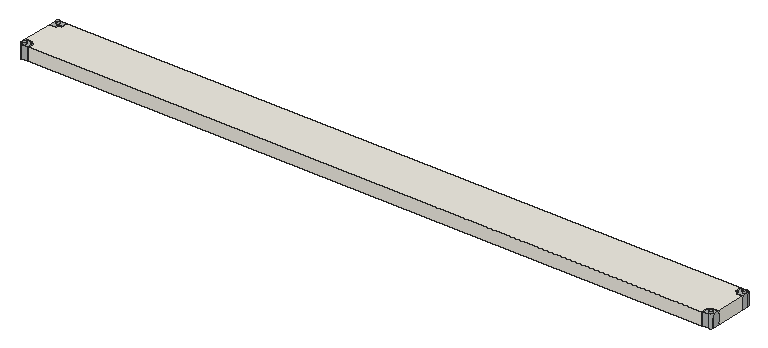
Revit family "HIGHTECH", category Осветительные приборы, Revit 2019 (continued)
Types (32, lengths in mm): name | Файл фотометрической сетки | built-in parameter 1150105 | Lumens | built-in parameter 1150106 | built-in parameter 1150142 | Wattage | Emit from Rectangle Width | Emit from Rectangle Length | Длина | Ширина | ADSK_Ток | ADSK_Полная мощность | ADSK_Обозначение | ADSK_Номинальная мощность | ADSK_Наименование | ADSK_Масса | ADSK_Код изделия
    .549 2.450 2.352 2.254 2.157 2.157 2.059 1.960 1.862 \r\n1.764 1.667 1.569 1.569 1.470 1.372 1.274 1.177 1.078 0.980 0.882 0.882 0.784 0.687 0.588 0.490 0.392 0.294 0.294 0.196 0.098 0.000 \r\n2755.907 2756.592 2751.104 2743.850 2728.264 2709.934 2687.389 2658.864 2627.007 2589.170 2545.942 2500.459 2452.036 2399.790 2343.035 2283.438 2222.565 2156.008 \r\n2088.079 2017.796 1945.750 1871.350 1794.794 1716.867 1637.076 1555.619 1473.182 1389.372 1303.113 1214.892 1128.633 1041.687 954.446 867.402 780.260 694.294 608.917 525.205 \r\n444.042 365.625 291.029 220.453 153.209 92.730 38.621 3.823 3.725 3.627 3.529 3.431 3.431 3.332 3.234 3.137 3.039 2.941 2.842 2.744 2.744 2.647 2.549 2.450 2.352 2.254 2.157 2.157 2.059 1.960 1.862 \r\n1.764 1.667 1.569 1.569 1.470 1.372 1.274 1.177 1.078 0.980 0.882 0.882 0.784 0.687 0.588 0.490 0.392 0.294 0.294 0.196 0.098 0.000 \r\n2755.907 2756.789 2751.201 2744.046 2728.558 2710.326 2687.879 2659.354 2627.693 2589.856 2546.629 2501.244 2452.820 2400.672 2343.917 2284.320 2223.545 2156.890 \r\n2089.059 2018.776 1946.730 1872.330 1795.774 1717.847 1638.056 1556.501 1474.064 1390.255 1304.093 1215.677 1129.417 1042.373 955.133 867.991 780.750 694.686 609.309 525.499 \r\n444.337 365.820 291.128 220.551 153.308 92.730 38.719 3.823 3.725 3.627 3.529 3.431 3.431 3.332 3.234 3.137 3.039 2.941 2.842 2.842 2.744 2.647 2.549 2.450 2.352 2.254 2.157 2.157 2.059 1.960 1.862 \r\n1.764 1.667 1.569 1.569 1.470 1.372 1.274 1.177 1.078 0.980 0.980 0.882 0.784 0.687 0.588 0.490 0.392 0.294 0.294 0.196 0.098 0.000 \r\n2755.907 2756.887 2751.398 2744.340 2728.852 2710.718 2688.466 2659.943 2628.281 2590.542 2547.314 2501.930 2453.605 2401.554 2344.799 2285.201 2224.525 2157.870 \r\n2090.039 2019.756 1947.710 1873.310 1796.853 1718.827 1638.939 1557.481 1474.946 1391.137 1304.975 1216.559 1130.201 1043.157 955.720 868.481 781.240 695.176 609.701 525.794 \r\n444.631 366.016 291.323 220.649 153.406 92.827 38.719 3.823 3.725 3.627 3.529 3.431 3.431 3.332 3.234 3.137 3.039 2.941 2.842 2.842 2.744 2.647 2.549 2.450 2.352 2.254 2.157 2.157 2.059 1.960 1.862 \r\n1.764 1.667 1.569 1.569 1.470 1.372 1.274 1.177 1.078 0.980 0.980 0.882 0.784 0.687 0.588 0.490 0.392 0.294 0.294 0.196 0.098 0.000 \r\n2755.907 2756.985 2751.496 2744.634 2729.244 2711.110 2688.957 2660.531 2628.967 2591.228 2548.001 2502.616 2454.389 2402.339 2345.682 2286.084 2225.506 2158.850 \r\n2091.019 2020.737 1948.690 1874.290 1797.833 1719.807 1639.919 1558.364 1475.926 1392.019 1305.955 1217.343 1130.887 1043.843 956.407 869.069 781.730 695.568 610.093 526.185 \r\n444.827 366.213 291.519 220.747 153.406 92.925 38.817 3.823 3.725 3.627 3.529 3.431 3.431 3.332 3.234 3.137 3.039 2.941 2.842 2.842 2.744 2.647 2.549 2.450 2.352 2.254 2.254 2.157 2.059 1.960 1.862 \r\n1.764 1.667 1.569 1.569 1.470 1.372 1.274 1.177 1.078 0.980 0.980 0.882 0.784 0.687 0.588 0.490 0.392 0.294 0.294 0.196 0.098 0.000 \r\n2755.907 2757.083 2751.594 2744.830 2729.539 2711.502 2689.545 2661.021 2629.654 2591.915 2548.687 2503.401 2455.271 2403.221 2346.564 2286.966 2226.486 2159.733 \r\n2091.999 2021.619 1949.769 1875.369 1798.813 1720.787 1640.899 1559.344 1476.809 1392.804 1306.837 1218.128 1131.672 1044.529 957.093 869.656 782.319 696.058 610.485 526.479 \r\n445.121 366.408 291.618 220.845 153.503 92.925 38.915 3.823 3.725 3.627 3.529 3.529 3.431 3.332 3.234 3.137 3.039 2.941 2.842 2.842 2.744 2.647 2.549 2.450 2.352 2.254 2.254 2.157 2.059 1.960 1.862 \r\n1.764 1.667 1.569 1.569 1.470 1.372 1.274 1.177 1.078 0.980 0.980 0.882 0.784 0.687 0.588 0.490 0.392 0.294 0.294 0.196 0.098 0.000 \r\n2755.907 2757.180 2751.691 2745.124 2729.832 2711.992 2690.035 2661.608 2630.339 2592.601 2549.373 2504.086 2456.055 2404.103 2347.348 2287.848 2227.466 2160.713 \r\n2092.980 2022.599 1950.749 1876.349 1799.793 1721.768 1641.879 1560.226 1477.691 1393.686 1307.720 1219.010 1132.456 1045.215 957.681 870.245 782.809 696.548 610.877 526.774 \r\n445.414 366.605 291.813 220.943 153.601 93.024 38.915 3.823 3.725 3.627 3.529 3.529 3.431 3.332 3.234 3.137 3.039 2.941 2.842 2.842 2.744 2.647 2.549 2.450 2.352 2.254 2.254 2.157 2.059 1.960 1.862 \r\n1.764 1.667 1.569 1.569 1.470 1.372 1.274 1.177 1.078 0.980 0.980 0.882 0.784 0.687 0.588 0.490 0.392 0.294 0.294 0.196 0.098 0.000 \r\n2755.907 2757.279 2751.789 2745.418 2730.127 2712.384 2690.525 2662.197 2631.026 2593.287 2550.059 2504.871 2456.839 2404.985 2348.231 2288.730 2228.446 2161.694 \r\n2093.960 2023.579 1951.729 1877.329 1800.774 1722.846 1642.860 1561.207 1478.672 1394.568 1308.701 1219.793 1133.142 1046.000 958.367 870.833 783.299 696.941 611.269 527.067 \r\n445.709 366.800 292.010 221.041 153.700 93.024 39.013 3.823 3.725 3.627 3.529 3.529 3.431 3.332 3.234 3.137 3.039 2.941 2.941 2.842 2.744 2.647 2.549 2.450 2.352 2.254 2.254 2.157 2.059 1.960 1.862 \r\n1.764 1.667 1.569 1.569 1.470 1.372 1.274 1.177 1.078 0.980 0.980 0.882 0.784 0.687 0.588 0.490 0.392 0.294 0.294 0.196 0.098 0.000 \r\n2755.907 2757.475 2751.986 2745.615 2730.420 2712.777 2691.113 2662.785 2631.614 2593.973 2550.648 2505.556 2457.624 2405.770 2349.113 2289.612 2229.426 2162.576 \r\n2094.842 2024.559 1952.709 1878.309 1801.754 1723.826 1643.742 1562.089 1479.554 1395.450 1309.583 1220.578 1133.926 1046.685 958.956 871.421 783.789 697.431 611.661 527.459 \r\n445.905 366.997 292.108 221.237 153.798 93.122 39.013 3.823 3.725 3.627 3.529 3.529 3.431 3.332 3.234 3.137 3.039 2.941 2.941 2.842 2.744 2.647 2.549 2.450 2.352 2.254 2.254 2.157 2.059 1.960 1.862 \r\n1.764 1.667 1.667 1.569 1.470 1.372 1.274 1.177 1.078 0.980 0.980 0.882 0.784 0.687 0.588 0.490 0.392 0.294 0.294 0.196 0.098 0.000 \r\n2755.907 2757.573 2752.084 2745.908 2730.715 2713.169 2691.603 2663.275 2632.300 2594.659 2551.333 2506.341 2458.408 2406.652 2349.995 2290.495 2230.407 2163.556 \r\n2095.822 2025.539 1953.788 1879.388 1802.734 1724.806 1644.722 1563.069 1480.436 1396.332 1310.465 1221.460 1134.711 1047.372 959.642 872.010 784.279 697.921 612.053 527.754 \r\n446.199 367.193 292.303 221.335 153.798 93.122 39.111 3.823 3.725 3.627 3.627 3.529 3.431 3.332 3.234 3.137 3.039 2.941 2.941 2.842 2.744 2.647 2.549 2.450 2.352 2.254 2.254 2.157 2.059 1.960 1.862 \r\n1.764 1.667 1.667 1.569 1.470 1.372 1.274 1.177 1.078 0.980 0.980 0.882 0.784 0.687 0.588 0.490 0.392 0.294 0.294 0.196 0.098 0.000 \r\n2755.907 2757.671 2752.181 2746.202 2731.009 2713.561 2692.094 2663.863 2632.986 2595.346 2552.020 2507.027 2459.192 2407.534 2350.877 2291.377 2231.387 2164.536 \r\n2096.802 2026.520 1954.768 1880.368 1803.714 1725.787 1645.702 1563.951 1481.416 1397.215 1311.445 1222.245 1135.396 1048.058 960.229 872.500 784.867 698.313 612.446 528.048 \r\n446.493 367.487 292.500 221.433 153.896 93.220 39.209 3.823 3.725 3.627 3.627 3.529 3.431 3.332 3.234 3.137 3.039 2.941 2.941 2.842 2.744 2.647 2.549 2.450 2.352 2.254 2.254 2.157 2.059 1.960 1.862 \r\n1.764 1.667 1.667 1.569 1.470 1.372 1.274 1.177 1.078 0.980 0.980 0.882 0.784 0.687 0.588 0.490 0.392 0.294 0.294 0.196 0.098 0.000 \r\n2755.907 2757.769 2752.279 2746.497 2731.302 2713.953 2692.682 2664.452 2633.673 2596.031 2552.705 2507.713 2459.976 2408.417 2351.759 2292.259 2232.368 2165.418 \r\n2097.782 2027.403 1955.748 1881.348 1804.694 1726.767 1646.682 1564.931 1482.299 1398.097 1312.327 1223.029 1136.181 1048.842 960.916 873.088 785.357 698.803 612.838 528.342 \r\n446.788 367.683 292.598 221.532 153.993 93.220 39.209 3.823 3.725 3.627 3.627 3.529 3.431 3.332 3.234 3.137 3.039 2.941 2.941 2.842 2.744 2.647 2.549 2.450 2.352 2.352 2.254 2.157 2.059 1.960 1.862 \r\n1.764 1.667 1.667 1.569 1.470 1.372 1.274 1.177 1.078 0.980 0.980 0.882 0.784 0.687 0.588 0.490 0.392 0.294 0.294 0.196 0.098 0.000 \r\n2755.907 2757.867 2752.378 2746.692 2731.695 2714.443 2693.172 2665.040 2634.358 2596.718 2553.392 2508.497 2460.760 2409.200 2352.642 2293.141 2233.348 2166.398 \r\n2098.763 2028.383 1956.728 1882.328 1805.773 1727.747 1647.662 1565.814 1483.181 1398.881 1313.307 1223.911 1136.965 1049.529 961.603 873.675 785.848 699.195 613.230 528.734 \r\n446.983 367.879 292.793 221.629 154.091 93.317 39.307 3.823 3.725 3.627 3.627 3.529 3.431 3.332 3.234 3.137 3.039 2.941 2.941 2.842 2.744 2.647 2.549 2.450 2.352 2.352 2.254 2.157 2.059 1.960 1.862 \r\n1.764 1.667 1.667 1.569 1.470 1.372 1.274 1.177 1.078 0.980 0.980 0.882 0.784 0.687 0.588 0.490 0.392 0.294 0.294 0.196 0.098 0.000 \r\n2755.907 2757.965 2752.574 2746.987 2731.989 2714.835 2693.662 2665.530 2635.045 2597.404 2554.078 2509.184 2461.545 2410.082 2353.524 2294.024 2234.328 2167.378 \r\n2099.743 2029.363 1957.708 1883.309 1806.753 1728.727 1648.643 1566.794 1484.161 1399.764 1314.190 1224.695 1137.651 1050.214 962.190 874.264 786.338 699.685 613.621 529.028 \r\n447.278 368.075 292.990 221.727 154.190 93.415 39.405 3.823 3.725 3.627 3.627 3.529 3.431 3.332 3.234 3.137 3.039 3.039 2.941 2.842 2.744 2.647 2.549 2.450 2.352 2.352 2.254 2.157 2.059 1.960 1.862 \r\n1.764 1.667 1.667 1.569 1.470 1.372 1.274 1.177 1.078 0.980 0.980 0.882 0.784 0.687 0.588 0.490 0.392 0.294 0.294 0.196 0.098 0.000 \r\n2755.907 2758.161 2752.671 2747.280 2732.283 2715.227 2694.250 2666.117 2635.633 2598.090 2554.764 2509.967 2462.329 2410.964 2354.406 2294.906 2235.309 2168.359 \r\n2100.625 2030.343 1958.787 1884.387 1807.733 1729.707 1649.525 1567.676 1485.043 1400.646 1315.072 1225.479 1138.435 1050.901 962.876 874.852 786.926 700.176 614.013 529.323 \r\n447.571 368.272 293.088 221.825 154.190 93.415 39.405 3.823 3.725 3.725 3.627 3.529 3.431 3.332 3.234 3.137 3.039 3.039 2.941 2.842 2.744 2.647 2.549 2.450 2.352 2.352 2.254 2.157 2.059 1.960 1.862 \r\n1.764 1.667 1.667 1.569 1.470 1.372 1.274 1.177 1.078 0.980 0.980 0.882 0.784 0.687 0.588 0.490 0.392 0.294 0.294 0.196 0.098 0.000 \r\n2755.907 2758.259 2752.770 2747.477 2732.577 2715.619 2694.741 2666.706 2636.319 2598.776 2555.352 2510.654 2463.113 2411.749 2355.190 2295.788 2236.289 2169.241 \r\n2101.605 2031.323 1959.767 1885.367 1808.713 1730.687 1650.505 1568.656 1485.925 1401.528 1316.052 1226.361 1139.219 1051.684 963.465 875.440 787.416 700.567 614.406 529.616 \r\n447.866 368.467 293.283 221.923 154.288 93.514 39.504 3.823 3.725 3.725 3.627 3.529 3.431 3.332 3.234 3.137 3.039 3.039 2.941 2.842 2.744 2.647 2.549 2.450 2.352 2.352 2.254 2.157 2.059 1.960 1.862 \r\n1.764 1.667 1.667 1.569 1.470 1.372 1.274 1.177 1.078 0.980 0.980 0.882 0.784 0.687 0.588 0.490 0.392 0.294 0.294 0.196 0.098 0.000 \r\n2755.907 2758.357 2752.868 2747.770 2732.871 2716.011 2695.329 2667.294 2637.005 2599.462 2556.039 2511.438 2463.897 2412.631 2356.072 2296.670 2237.269 2170.221 \r\n2102.585 2032.205 1960.747 1886.347 1809.694 1731.668 1651.485 1569.538 1486.905 1402.410 1316.934 1227.146 1139.905 1052.371 964.150 876.029 787.906 701.057 614.798 530.008 \r\n448.061 368.663 293.480 222.022 154.386 93.514 39.504 3.823 3.725 3.725 3.627 3.529 3.431 3.332 3.234 3.137 3.039 3.039 2.941 2.842 2.744 2.647 2.549 2.450 2.352 2.352 2.254 2.157 2.059 1.960 1.862 \r\n1.764 1.667 1.667 1.569 1.470 1.372 1.274 1.177 1.078 0.980 0.980 0.882 0.784 0.687 0.588 0.490 0.392 0.294 0.294 0.196 0.098 0.000 \r\n2755.907 2758.455 2753.064 2748.065 2733.166 2716.501 2695.819 2667.784 2637.692 2600.247 2556.724 2512.124 2464.681 2413.513 2356.954 2297.552 2238.249 2171.202 \r\n2103.565 2033.186 1961.727 1887.328 1810.674 1732.648 1652.465 1570.518 1487.788 1403.292 1317.816 1227.930 1140.689 1053.058 964.837 876.519 788.396 701.548 615.190 530.303 \r\n448.356 368.859 293.578 222.119 154.483 93.612 39.601 3.823 3.725 3.725 3.627 3.529 3.431 3.332 3.234 3.137 3.039 3.039 2.941 2.842 2.744 2.647 2.549 2.450 2.352 2.352 2.254 2.157 2.059 1.960 1.862 \r\n1.764 1.667 1.667 1.569 1.470 1.372 1.274 1.177 1.078 0.980 0.980 0.882 0.784 0.687 0.588 0.490 0.392 0.294 0.294 0.196 0.098 0.000 \r\n2755.907 2758.554 2753.161 2748.260 2733.459 2716.893 2696.309 2668.372 2638.377 2600.932 2557.411 2512.908 2465.466 2414.396 2357.836 2298.435 2239.229 2172.084 \r\n2104.547 2034.166 1962.708 1888.308 1811.654 1733.628 1653.446 1571.400 1488.670 1404.175 1318.796 1228.811 1141.474 1053.841 965.425 877.106 788.985 701.940 615.582 530.596 \r\n448.650 369.055 293.774 222.217 154.582 93.612 39.699 3.823 3.823 3.725 3.627 3.529 3.431 3.332 3.234 3.137 3.137 3.039 2.941 2.842 2.744 2.647 2.549 2.450 2.450 2.352 2.254 2.157 2.059 1.960 1.862 \r\n1.764 1.764 1.667 1.569 1.470 1.372 1.274 1.177 1.078 1.078 0.980 0.882 0.784 0.687 0.588 0.490 0.392 0.392 0.294 0.196 0.098 0.000 \r\n" | 51.164 W | 255 | 1155 | 1195 | 295 | 0.359168 A | 82.6087 VA | "Hightech-76/opal-sand 295х1195 (IP54, 4000К, белый)" | 76 W | "Универсальный светодиодный светильник Hightech-76/opal-sand 295х1195 (IP54, 4000К, белый)" | 2.5 | "ЦБ000007600"
